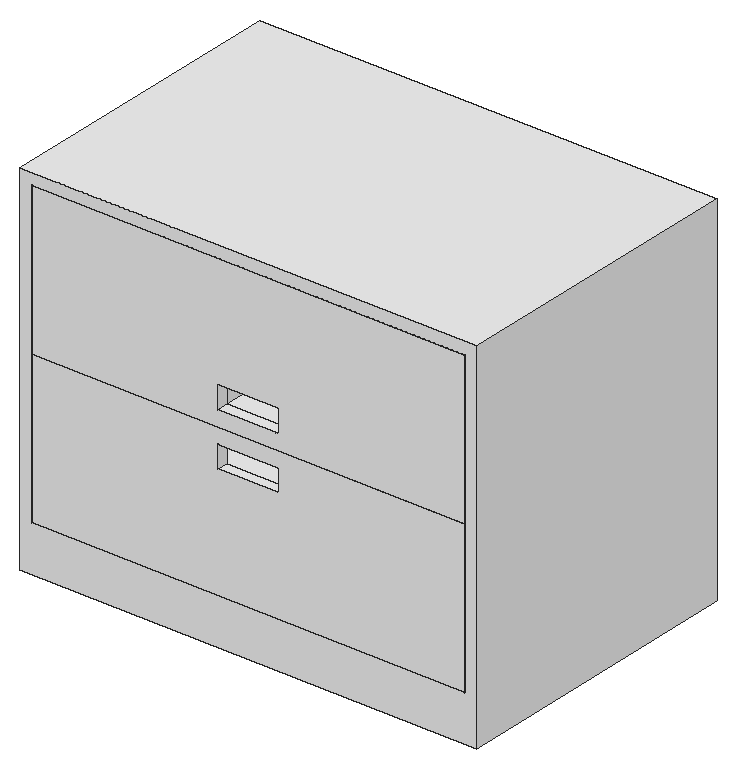
Revit family
Parameters (values of type "760 x 500 x 600mm")
  Keynote = "N"
  Assembly Code = ""
  Depth = 500 mm
  Material = Metal - Steel
  Height = 600 mm
  Width = 760 mm
Reference planes
  plane 1 "Center F/B": y = -934.318
  plane 2: z = 0
  plane 3 "Center L/R": x = -180.023
  plane 4: x = -560.023
  plane 5: x = 199.977
  plane 6: y = -1184.318
  plane 7: y = -684.318
  plane 8: x = 180.927
  plane 9: x = -540.973
  plane 10: y = -703.368
  plane 11: z = 76.2
  plane 12: z = 328.575
  plane 13: z = 600
  plane 14: z = 580.95
Forms (mm)
  Extrusion 1, solid, material "Metal - Steel" <- "Material"
    sketch origin (0, 0, 0) x (1, 0, 0) y (0, 1, 0)
      loop
        line (-560.023, -684.318) -> (-560.023, -1184.318) -> (199.977, -1184.318) -> (199.977, -684.318) -> (-560.023, -684.318)
    from 0 to 600
  Extrusion 2, void
    sketch origin (-466.689, -1184.318, 919.106) x (0, 0, -1) y (1, 0, 0)
      loop
        line (338.156, -74.284) -> (842.906, -74.284) -> (842.906, 647.616) -> (338.156, 647.616) -> (338.156, -74.284)
    from 0 to -480.95
  Extrusion 3, solid, material "Metal - Steel"
    sketch origin (-560.023, -1184.318, 600) x (0, 0, -1) y (1, 0, 0)
      loop
        line (19.05, 19.05) -> (271.425, 19.05) -> (271.425, 740.95) -> (19.05, 740.95) -> (19.05, 19.05)
    from 0 to -19.05
  Extrusion 4, solid, material "Metal - Steel"
    sketch origin (-560.023, -1184.318, 600) x (0, 0, -1) y (1, 0, 0)
      loop
        line (271.425, 19.05) -> (523.8, 19.05) -> (523.8, 740.95) -> (271.425, 740.95) -> (271.425, 19.05)
    from 0 to -19.05
  Extrusion 5, void
    sketch origin (-560.023, -1184.318, 600) x (0, 0, -1) y (1, 0, 0)
      loop
        line (296.825, 329.2) -> (334.925, 329.2) -> (334.925, 430.8) -> (296.825, 430.8) -> (296.825, 329.2)
    from 0 to -19.05
  Extrusion 6, void
    sketch origin (-560.023, -1184.318, 600) x (0, 0, -1) y (1, 0, 0)
      loop
        line (207.925, 329.2) -> (246.025, 329.2) -> (246.025, 430.8) -> (207.925, 430.8) -> (207.925, 329.2)
    from 0 to -19.05
Cuts and joins
  Extrusion 2, Extrusion 5, Extrusion 6 cuts Extrusion 1
  Extrusion 5, Extrusion 6 cuts Extrusion 3
  Extrusion 5, Extrusion 6 cuts Extrusion 4
Lines and regions (mm)
  Masking region 1
    outline origin (0, 0, 0) x (1, 0, 0) y (0, 1, 0)
      loop
        line (-560.023, -684.318) -> (-560.023, -1184.318) -> (199.977, -1184.318) -> (199.977, -684.318) -> (-560.023, -684.318)
  symbolic lines
    curve 1: line (199.977, -684.318, 0) -> (-560.023, -684.318, 0)
    curve 2: line (199.977, -1184.318, 0) -> (199.977, -684.318, 0)
    curve 3: line (-560.023, -1184.318, 0) -> (199.977, -1184.318, 0)
    curve 4: line (-560.023, -684.318, 0) -> (-560.023, -1184.318, 0)
Dimensions and locks
  equal spacing: plane 4, plane 3 "Center L/R", plane 5
  equal spacing: plane 6, plane 1 "Center F/B", plane 7
  "Depth": plane 6 to plane 7
  "Width": plane 4 to plane 5
  locked: plane 10 to plane 7 at 19.05
  "Height": plane 13 to plane 2
  locked: plane 11 to plane 2 at 76.2
  locked: plane 13 to plane 14 at 19.05
  plane 4 to plane 9 = 19.05 mm
  plane 8 to plane 5 = 19.05 mm
  equal spacing: plane 9, plane 3 "Center L/R", plane 8
  equal spacing: plane 14, plane 12, plane 11
  aligned and locked: Extrusion 2 to plane 10
  aligned and locked: plane 13 to Extrusion 1
  aligned and locked: Extrusion 1 to plane 2
  aligned and locked: plane 14 to Extrusion 2
  aligned and locked: Extrusion 2 sketch curve to plane 11
  aligned and locked: plane 14 to cut or joined group of Extrusion 3, Extrusion 5, Extrusion 6
  aligned and locked: curve 1 to cut or joined group of Extrusion 1, Extrusion 2, Extrusion 5, Extrusion 6
  aligned and locked: curve 2 to cut or joined group of Extrusion 1, Extrusion 2, Extrusion 5, Extrusion 6
  aligned and locked: curve 3 to cut or joined group of Extrusion 1, Extrusion 2, Extrusion 5, Extrusion 6
  aligned and locked: curve 4 to cut or joined group of Extrusion 1, Extrusion 2, Extrusion 5, Extrusion 6
  aligned: Masking region 1 sketch curve to cut or joined group of Extrusion 1, Extrusion 2, Extrusion 5, Extrusion 6  (x3)
  aligned: cut or joined group of Extrusion 1, Extrusion 2, Extrusion 5, Extrusion 6 to Masking region 1 sketch curve
Automatic sketch dimensions
  Extrusion 2 sketch curve to plane 8 = 0 mm
  Extrusion 2 sketch curve to plane 14 = 0 mm
  Extrusion 2 sketch curve to plane 9 = 0 mm
  Extrusion 3 sketch curve to plane 9 = 0 mm
  Extrusion 3 sketch curve to plane 8 = 0 mm
  Extrusion 6 sketch curve to plane 3 "Center L/R" = 50.8 mm
  plane 3 "Center L/R" to Extrusion 6 sketch curve = 50.8 mm
  Masking region 1 sketch curve to plane 4 = 0 mm
  Masking region 1 sketch curve to plane 5 = 0 mm
  Masking region 1 sketch curve to plane 6 = 0 mm
  Masking region 1 sketch curve to plane 7 = 0 mm
